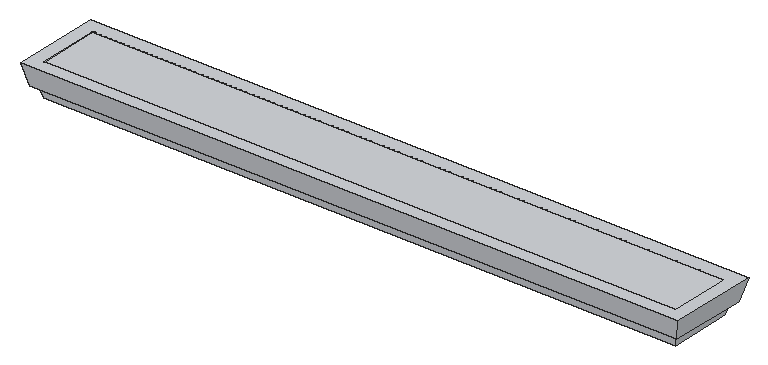
Revit family "EURS_63_LF_FB_FlexBlend SM340C L1500_PHI", category Lighting Fixtures, host Face, Revit 2016
Family settings
  Host = Face
  Part Type = Normal
  Round Connector Dimension = Use Diameter
  Cut with Voids When Loaded = No
  Light Source = No
  Shared = Yes
  Room Calculation Point = No
Parameters (values of type "Type catalog")
  Width = 200 mm
  Voltage (V) = 230 V
  Visibility 2D symbol [instance] = yes
  Visibility 2D outline rectangle [instance] = not(Visibility 2D symbol)  # no
  URL = "http://www.lighting.philips.com/main/home"
  Type Comments = "Face Based"
  Rim height = 5 mm
  Product catalog - URL = "MODEL WEBPAGE"
  Order code = "ORDER CODE"
  Model = "SM340C L1500"
  Manufacturer = "Philips"
  Light source = 2 mm
  Light loss factor = ""
  Length = 1500 mm
  Last IES update = "DATE"
  Lamp = "LAMP TYPE"
  Initial luminous flux (lm) = ""
  Init. Corr. Color Temperature (K) = ""
  Height = 73 mm
  Fixture code = "FIXTURE CODE"
  ETIM code URL = "https://prod.etim-international.com/Class/Details?classId=EC002892&classVersion=2"
  ETIM code = "EC002892"
  EOC = "EOC CODE"
  Description = "FlexBlend Surface Mounted"
  Default Elevation = 0 mm
  Content version = "1.0"
  Content modified date = "18-03-2020"
  Content creation date = "18-03-2020"
  Content Creator = "https://www.cadac.com/bimcontent"
  BIM Library - URL = "http://www.lighting.philips.com/main/support/support/revit-library#page=1"
  Armatuurcode [instance] = ""
  Apparent Load = 0 VA
  12NC = "12NC CODE"
Reference planes
  plane 1 "Center (Front/Back)": y = 0
  plane 2: z = 0
  plane 3 "Center (Left/Right)": x = 0
  plane 4: x = -750
  plane 5: y = -100
  plane 6: y = 100
  plane 7: x = 750
  plane 8: z = 73
  plane 9: z = 73
  plane 10: z = 26
Forms (mm)
  Extrusion 1, solid
    sketch origin (0, 0, 0) x (1, 0, 0) y (0, 1, 0)
      loop
        line (-750, -100) -> (750, -100) -> (750, 100) -> (-750, 100) -> (-750, -100)
    from 0 to 73
  Extrusion 2, void
    sketch origin (0, 0, 0) x (0, 1, 0) y (0, 0, 1)
      loop
        line (100, 73) -> (87.406, 26) -> (77.406, 26) -> (70.44, 0) -> (100, 0) -> (100, 73)
    from -750 to 750
  Extrusion 3, void
    sketch origin (0, 0, 0) x (0, -1, 0) y (0, 0, -1)
      loop
        line (100, -73) -> (100, 0) -> (70.44, 0) -> (77.406, -26) -> (87.406, -26) -> (100, -73)
    from -750 to 750
  Extrusion 4, void
    sketch origin (-500, 500, 0) x (-1, 0, 0) y (0, 0, 1)
      loop
        line (250, 73) -> (237.406, 26) -> (227.406, 26) -> (220.44, 0) -> (250, 0) -> (250, 73)
    from -600 to -400
  Extrusion 5, void
    sketch origin (500, 500, 0) x (1, 0, 0) y (0, 0, -1)
      loop
        line (250, -73) -> (250, 0) -> (220.44, 0) -> (227.406, -26) -> (237.406, -26) -> (250, -73)
    from -600 to -400
  Extrusion 6, void
    sketch origin (0, 0, 0) x (1, 0, 0) y (0, 1, 0)
      loop
        line (-720, 70.44) -> (-720, -70.44) -> (720.44, -70.44) -> (720.44, 70.44) -> (-720, 70.44)
    from 72 to 73
Cuts and joins
  Extrusion 2, Extrusion 3, Extrusion 4, Extrusion 5, Extrusion 6 cuts Extrusion 1
Dimensions and locks
  equal spacing: host sketch curve, plane 1 "Center (Front/Back)", host sketch curve
  equal spacing: host sketch curve, plane 3 "Center (Left/Right)", host sketch curve
  "Length": plane 4 to plane 7
  equal spacing: plane 4, plane 3 "Center (Left/Right)", plane 7
  equal spacing: plane 5, plane 1 "Center (Front/Back)", plane 6
  "Width": plane 5 to plane 6
  "Height": plane 8 to plane 2
  "Height": plane 9 to host face
  plane 4 to cut or joined group of Extrusion 1, Extrusion 2, Extrusion 3, Extrusion 4, Extrusion 5, Extrusion 6 = 30 mm
  locked: plane 4 to Extrusion 6 sketch curve at 30
  locked: cut or joined group of Extrusion 1, Extrusion 2, Extrusion 3, Extrusion 4, Extrusion 5, Extrusion 6 to plane 7 at 29.56
  aligned and locked: plane 2 to host face
  aligned and locked: level to host face
  aligned and locked: plane 7 to nested 1
  aligned and locked: plane 6 to nested 1
  aligned and locked: nested 1 to plane 5
  aligned and locked: nested 1 to plane 4
  aligned and locked: plane 9 to Extrusion 1
  aligned and locked: Extrusion 1 to plane 7
  aligned and locked: Extrusion 1 to plane 4
  aligned and locked: Extrusion 5 to plane 7
  aligned and locked: Extrusion 4 to plane 4
  aligned and locked: Extrusion 1 to Extrusion 4
  aligned and locked: Extrusion 2 to plane 4
  aligned and locked: Extrusion 3 to plane 4
  aligned and locked: Extrusion 3 to plane 7
  aligned and locked: Extrusion 2 to plane 7
Automatic sketch dimensions
  Extrusion 2 sketch curve to level = 0 mm
  Extrusion 2 sketch curve to plane 10 = 0 mm
  Extrusion 2 sketch curve to plane 6 = 0 mm
  Extrusion 2 sketch curve to plane 9 = 0 mm
  plane 6 to Extrusion 2 sketch curve = 12.594 mm
  Extrusion 2 sketch curve to Extrusion 2 sketch curve = 10 mm
  Extrusion 2 sketch curve to Extrusion 2 sketch curve = 6.967 mm
  Extrusion 3 sketch curve to level = 0 mm
  Extrusion 3 sketch curve to plane 10 = 0 mm
  Extrusion 3 sketch curve to plane 5 = 0 mm
  Extrusion 3 sketch curve to plane 9 = 0 mm
  Extrusion 3 sketch curve to plane 5 = 12.594 mm
  Extrusion 3 sketch curve to Extrusion 3 sketch curve = 10 mm
  Extrusion 3 sketch curve to Extrusion 3 sketch curve = 6.967 mm
  Extrusion 4 sketch curve to level = 0 mm
  Extrusion 4 sketch curve to plane 10 = 0 mm
  Extrusion 4 sketch curve to plane 4 = 0 mm
  Extrusion 4 sketch curve to plane 9 = 0 mm
  plane 4 to Extrusion 4 sketch curve = 12.594 mm
  Extrusion 4 sketch curve to Extrusion 4 sketch curve = 10 mm
  Extrusion 4 sketch curve to Extrusion 4 sketch curve = 6.967 mm
  Extrusion 5 sketch curve to level = 0 mm
  Extrusion 5 sketch curve to plane 10 = 0 mm
  plane 7 to Extrusion 5 sketch curve = 0 mm
  Extrusion 5 sketch curve to plane 9 = 0 mm
  plane 7 to Extrusion 5 sketch curve = 12.594 mm
  Extrusion 5 sketch curve to Extrusion 5 sketch curve = 10 mm
  Extrusion 5 sketch curve to Extrusion 5 sketch curve = 6.967 mm
  plane 7 to Extrusion 6 sketch curve = 29.56 mm
  plane 5 to Extrusion 6 sketch curve = 29.56 mm
  plane 6 to Extrusion 6 sketch curve = 29.56 mm
  Extrusion 1 sketch curve to plane 4 = 0 mm
  plane 6 to Extrusion 1 sketch curve = 0 mm
  Extrusion 1 sketch curve to plane 7 = 0 mm
  Extrusion 1 sketch curve to plane 5 = 0 mm
Nested families
  nested 1: "2D-PL-Rechthoekig" at (0, 0, 0), Width <- "Width", lengte <- "Length", visible <- "Visibility 2D outline rectangle", type "2D symbool"
    with lengte 1500 mm, Width 200 mm
  nested 2: "PL-TL armatuur plafond rechthoekig" at (0, 0, 0), visible <- "Visibility 2D symbol", lengte <- "Length", l1 <- "Length", type "armatuur tl"
    with lengte 1500 mm, l1 1500 mm
Connectors
  electrical at (0, 0, 0), driven by "Apparent Load", driven by "Voltage (V)"
    settings: on host face, index 1, voltage 230 V, apparent load 0 VA, apparent load phase1 0 VA, apparent load phase2 0 VA, apparent load phase3 0 VA, power factor 1, load classification "Other", number of poles 1, system type 31, power factor state 1, is connector primary yes, connector utility no, sub classification motor no, connector description ""
Definition of nested family "2D-PL-Rechthoekig"
  Parameters (values of type "2D symbool")
    lengte [instance] = 1200 mm
    Width [instance] = 100 mm
    Type Comments = "GEEN CALCULATIEOBJECT"
    Manufacturer = ""
    Description = "Armatuur 2D symbool"
    Copyright © Cadac = "www.cadac.com/aec"
    Cadac content versie = ""
    Assembly Code = ""
  Reference planes
    plane 1 "Center (Front/Back)": y = 0
    plane 2: z = 0
    plane 3 "Center (Left/Right)": x = 0
    plane 4: y = 150
    plane 5: y = -150
    plane 6: y = 176.777
    plane 7: x = -176.777
    plane 8: x = 176.777
    plane 9: y = -176.777
    plane 10 "Cadac Group AEC": y = 0
    plane 11: y = 400
    plane 12: y = -191.421
    plane 13: y = -206.066
    plane 14: y = -220.711
    plane 15: y = -235.355
  Lines and regions (mm)
    symbolic lines
      curve 1: line (600, 50, 0) -> (600, -50, 0)
      curve 2: line (-600, 50, 0) -> (-600, -50, 0)
      curve 3: line (-600, 50, 0) -> (600, 50, 0)
      curve 4: line (-600, -50, 0) -> (600, -50, 0)
  Dimensions and locks
    equal spacing: curve 2, plane 3 "Center (Left/Right)", curve 1
    "lengte": curve 2 to curve 1
    equal spacing: plane 5, plane 1 "Center (Front/Back)", plane 4
    locked: plane 4 to plane 5 at 300
    equal spacing: curve 4, plane 1 "Center (Front/Back)", curve 3
    "Width": curve 4 to curve 3
    locked: plane 7 to plane 8 at 353.553
    locked: plane 6 to plane 9 at 353.553
    equal spacing: plane 7, plane 3 "Center (Left/Right)", plane 8
    equal spacing: plane 6, plane 1 "Center (Front/Back)", plane 9
    locked: plane 1 "Center (Front/Back)" to plane 11 at 400
    equal spacing: plane 9, plane 12, plane 13, plane 14, plane 15
    locked: plane 9 to plane 15 at 58.579
    aligned and locked: plane 10 "Cadac Group AEC" to plane 1 "Center (Front/Back)"
Definition of nested family "PL-TL armatuur plafond rechthoekig"
  Parameters (values of type "armatuur tl_generiek")
    radius cirkel = 75 mm
    lengte [instance] = 1200 mm
    l1 [instance] = 1200 mm
    b2 = b1 * 2  # 100 mm
    b1 = 50 mm
    Type Comments = "GEEN CALCULATIEOBJECT"  # constant formula
    Manufacturer = ""
    Length lines in cirkel = (radius cirkel * 2) - 70 mm  # 80 mm
    Description = "Armatuur TL"
    Copyright © Cadac = "www.cadac.com/aec"
    Cadac content versie = "3.2"  # constant formula
    Assembly Code = ""
  Types (2, lengths in mm): name | radius cirkel | b2 | b1 | Length lines in cirkel
    armatuur tl_generiek | 75 | 100 | 50 | 80
    armatuur tl | 125 | 200 | 100 | 180
  Reference planes
    plane 1 "Center (Front/Back)": y = 0
    plane 2: z = 0
    plane 3 "Center (Left/Right)": x = 0
    plane 4: y = 50
    plane 5: y = -50
    plane 6: y = 176.777
    plane 7: x = -40
    plane 8: x = 40
    plane 9: y = -176.777
    plane 10 "Cadac Group AEC": y = 0
    plane 11: y = 400
    plane 12: y = -191.421
    plane 13: y = -206.066
    plane 14: y = -220.711
    plane 15: y = -235.355
  Lines and regions (mm)
    symbolic lines
      curve 1: circle (0, 0, 0) r 75 normal (0, 0, 1)
      curve 2: line (600, 50, 0) -> (600, -50, 0)
      curve 3: line (600, -8.333, 0) -> (74.536, -8.333, 0)
      curve 4: line (600, 8.333, 0) -> (74.536, 8.333, 0)
      curve 5: line (600, 25, 0) -> (70.711, 25, 0)
      curve 6: line (600, -25, 0) -> (70.711, -25, 0)
      curve 7: line (-600, 50, 0) -> (-600, -50, 0)
      curve 8: line (-600, -8.333, 0) -> (-74.536, -8.333, 0)
      curve 9: line (-600, 8.333, 0) -> (-74.536, 8.333, 0)
      curve 10: line (-600, 25, 0) -> (-70.711, 25, 0)
      curve 11: line (-600, -25, 0) -> (-70.711, -25, 0)
      curve 12: line (-40, 63.443, 0) -> (40, -63.443, 0)
      curve 13: line (-40, -63.443, 0) -> (40, 63.443, 0)
  Dimensions and locks
    equal spacing: curve 7, plane 3 "Center (Left/Right)", curve 2
    "l1": curve 7 to curve 2
    equal spacing: plane 5, plane 1 "Center (Front/Back)", plane 4
    equal spacing: curve 5, curve 4, curve 3, curve 6
    equal spacing: curve 5, plane 1 "Center (Front/Back)", curve 6
    "b1": curve 5 to curve 6
    equal spacing: curve 11, curve 8, curve 9, curve 10
    equal spacing: curve 11, plane 1 "Center (Front/Back)", curve 10
    "b1": curve 11 to curve 10
    "Length lines in cirkel": plane 7 to plane 8
    locked: plane 6 to plane 9 at 353.553
    equal spacing: plane 7, plane 3 "Center (Left/Right)", plane 8
    equal spacing: plane 6, plane 1 "Center (Front/Back)", plane 9
    locked: plane 1 "Center (Front/Back)" to plane 11 at 400
    equal spacing: plane 9, plane 12, plane 13, plane 14, plane 15
    locked: plane 9 to plane 15 at 58.579
    "b2": plane 5 to plane 4
    "radius cirkel": radius of curve 1
    aligned and locked: plane 4 to curve 7
    aligned and locked: plane 4 to curve 2
    aligned and locked: plane 5 to curve 2
    aligned and locked: plane 5 to curve 7
    aligned and locked: plane 10 "Cadac Group AEC" to plane 1 "Center (Front/Back)"
    aligned and locked: plane 7 to curve 12
    aligned and locked: plane 7 to curve 13
    aligned and locked: plane 8 to curve 13
    aligned and locked: plane 8 to curve 12
  Automatic sketch dimensions
    plane 1 "Center (Front/Back)" to curve 1 = 0 mm
    curve 1 to plane 3 "Center (Left/Right)" = 0 mm
